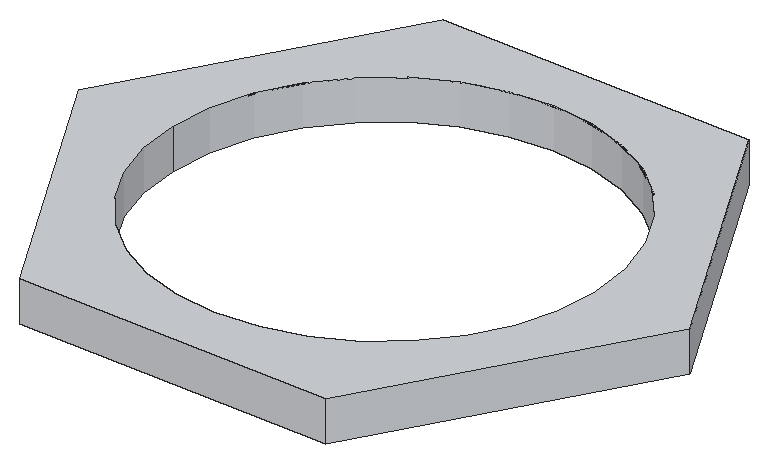
Revit family "LN40G", category Generic Models, Revit 2017
Family settings
  Can host rebar = No
  Round Connector Dimension = Use Diameter
  Part Type = Normal
  Work Plane-Based = Yes
  Always vertical = No
  Cut with Voids When Loaded = No
  Shared = No
  Room Calculation Point = No
Parameters (values of type "NBS Standard Parameters")
  WarrantyStartDate [instance] = "1900-12-31T23:59:59"
  WarrantyGuarantorParts = "n/a"
  WarrantyGuarantorLabor = "n/a"
  WarrantyDurationUnit = "1 year"
  WarrantyDurationParts = "n/a"
  WarrantyDurationLabor = "n/a"
  WarrantyDescription = "n/a"
  Version = "1"
  Uniclass2 = "Pr_65_70_11_20"
  TagNumber [instance] = "n/a"
  SustainabilityPerformance = "n/a"
  Size = "40mm"
  Shape = "Hexagon"
  SerialNumber [instance] = "n/a"
  Revision = "n/a"
  ReplacementCost = "n/a"
  ProductInformation = "www.metpro.co.uk/pdf/LN40G.pdf"
  NominalWidth = 50.5 mm
  NominalLength = 50.5 mm
  NominalHeight = 3.8 mm
  Name = ""
  NBSTypeID = ""
  NBSReference = "90-55-10/460"
  NBSOfficeMasterTag = ""
  NBSNote = ""
  NBSDescription = "Conduit Fittings"
  NBSCertification = ""
  ModelReference = "LN40G"
  ModelNumber = "n/a"
  Material = "Steel"
  ManufacturerURL = "www.metpro.co.uk"
  ManufacturerName = "Metpro Ltd"
  Keynote = "Compliant to LU standard 1-085"
  InstallationDate [instance] = "1900-12-31T23:59:59"
  IfcExportType = ""
  IfcExportAs = ""
  Grade = "n/a"
  Finish = "BZP"
  Features = "n/a"
  ExpectedLife = "n/a"
  DurationUnit = "year"
  Description = "LN40G 40mm Lock Nut _ Light Pattern"
  Default Elevation = 1219.2 mm
  Constituents = "n/a"
  Color = "n/a"
  CodePerformance = "n/a"
  Category = "n/a"
  BarCode [instance] = "n/a"
  BIMObjectName = "Metpro_Metprolibrary_Conduitfittings _Metalcomponent_Steelaccessories"
  Author = "Metpro Ltd"
  AssetType = ""
  AssetIdentifier [instance] = "n/a"
  AccessibilityPerformance = "n/a"
Reference planes
  plane 1 "Center (Front/Back)": y = 0
  plane 2: z = 0
  plane 3 "Center (Left/Right)": x = 0
Forms (mm)
  Extrusion 1, solid
    sketch origin (0, 0, 0) x (1, 0, 0) y (0, 1, 0)
      loop
        circle (10.04, 13.158) r 20
      loop
        line (-4.394, 38.158) -> (-18.828, 13.158) -> (-4.394, -11.842) -> (24.473, -11.842) -> (38.907, 13.158) -> (24.473, 38.158) -> (-4.394, 38.158)
    from 0 to 3.8
Dimensions and locks
  aligned and locked: level to plane 2
